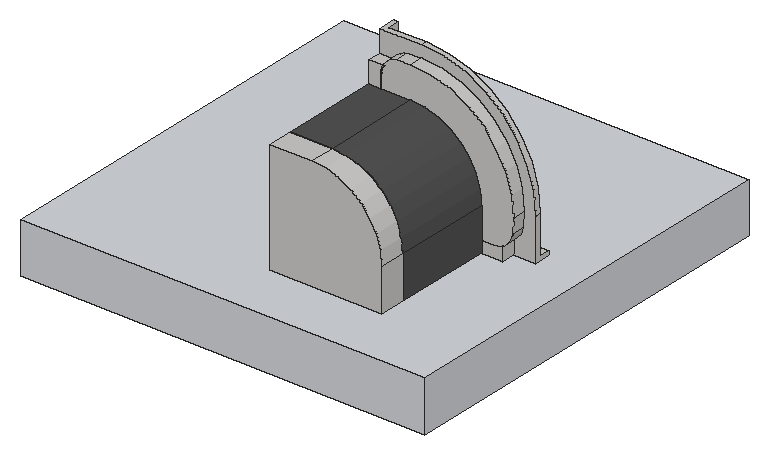
Revit family
Parameters (values of type "3563-2-H-DV-VP")
  Waste Connection = yes
  Vent Connection = no
  VP- Vinylclad Housing Color (Black or Gray or White) = yes
  URL = "http://www.acorneng.com"
  Type Comments = ""
  TT- Top Supply; Vent Thru-Fixture = no
  TS- Single-Fold Paper Towel Dispenser = no
  TO- Top Supply; Vent Off-Drain = no
  TM- C or Multi-Fold Paper Towel Dispenser = no
  ST- Single Temperature Valve = no
  SPX- 16 Gage Stainless Steel Housing = no
  SO-BAT- Sensor Operation (Battery) = no
  SO- Sensor Operated = no
  SC- Supply/Vent Cover (Specify Ceiling Height) = no
  PDM- Metering Liquid Soap Dispenser (Not available with -BT, -PCB, -SC, -TM, -TO, -TS, -TT) = no
  PCB- Pipe Column Brace (Pipe by others) = no
  PBE- Pushbutton Electronic Metering = no
  Model = "3563-2-H-DV-VP"
  Manufacturer = "Acorn Engineering"
  JH32- 32" Junior Rim Height = no
  JH30- 30" Junior Rim Height = no
  JH26- 26" Junior Rim Height (Standard) = no
  HW Connection = no
  HB- Hose Bibb, Specify; Left or Right = no
  H- Hand Operation = yes
  F-Foot Operation = no
  EG-Enviro-Glaze Color Specify = no
  Designed By = "ATS BIM TEAM"
  Description = "Corner Models- 2 or 3 Stations"
  Default Elevation = 34"
  DV- Liquid/ Lotion Soap Dispenser = yes
  DP- Metering Powder Soap Dispenser = no
  CW Connection = no
  CS- Compact Sprayhead- 9" Diameter x 4" High ( Not available with -DP or -DV) = no
  BT- Bottom Supply; Vent Thru-Fixture = no
  BO-Bottom Supply; Vent Off Drain = no
  3563- On-Floor, Corner, Three Station = no
  3562-On-Floor, Corner, Two Station = no
  3- On Floor, Floor Outlet = no
  2- On Floor, Wall Outlet = yes
Reference planes (in)
  plane 1 "Center (Front/Back)": y = 0
  plane 2: z = 0
  plane 3 "Center (Left/Right)": x = 0
  plane 4: y = -34
  plane 5: y = -4.5
  plane 6: y = 10
  plane 7: y = -12.25
  plane 8: z = 14.25
  plane 9: x = 14.25
  plane 10: y = -27.875
Forms (in)
  Extrusion 1, solid
    sketch origin (0, 0, 0) x (1, 0, 0) y (0, 1, 0)
      loop
        line (-48, 48) -> (-48, -48) -> (48, -48) -> (48, 48) -> (-48, 48)
    from 0 to -12
  Extrusion 2, solid, material "Stainless Steel"
    sketch origin (-58.04546, -1.3125, -60.68826) x (1, 0, 0) y (0, 0, -1)
      loop
        line (59.04546, -97.68826) -> (68.04546, -97.68826)
        arc (68.04546, -97.68826) -> (87.13734, -89.78014) -> (95.04546, -70.68826) r 27
        line (95.04546, -70.68826) -> (95.04546, -61.68826) -> (59.04546, -61.68826) -> (59.04546, -97.68826)
    from 0 to 1.3125
  Extrusion 3, solid, material "Stainless Steel"
    sketch origin (-58.04546, -4.5, -60.68826) x (1, 0, 0) y (0, 0, -1)
      loop
        arc (60.79546, -90.3326) -> (61.86833, -93.21187) -> (64.56372, -94.68701) r 4.4
        arc (64.56372, -94.68701) -> (66.30006, -94.87537) -> (68.04546, -94.93826) r 24.25
        arc (68.04546, -94.93826) -> (85.1928, -87.8356) -> (92.29546, -70.68826) r 24.25
        arc (92.29546, -70.68826) -> (92.23257, -68.94287) -> (92.04421, -67.20652) r 24.25
        arc (92.04421, -67.20652) -> (90.56906, -64.51113) -> (87.6898, -63.43826) r 4.4
        line (87.6898, -63.43826) -> (60.79546, -63.43826) -> (60.79546, -90.3326)
    from 0 to 3.1875
  Extrusion 4, solid, material "Stainless Steel"
    sketch origin (-58.04546, -1.3125, -60.68826) x (1, 0, 0) y (0, 0, -1)
      loop
        line (59.04546, -97.68826) -> (59.04546, -61.68826) -> (95.04546, -61.68826) -> (95.04546, -60.68826) -> (58.04546, -60.68826) -> (58.04546, -97.68826) -> (59.04546, -97.68826)
    from 0 to 4
  Extrusion 5, solid, material "Black"
    sketch origin (-58.04546, -32.23438, -60.68826) x (1, 0, 0) y (0, 0, -1)
      loop
        line (58.04546, -60.68826) -> (58.04546, -87.31326) -> (68.04546, -87.31326)
        arc (68.04546, -87.31326) -> (79.80111, -82.44391) -> (84.67046, -70.68826) r 16.625
        line (84.67046, -70.68826) -> (84.67046, -60.68826) -> (58.04546, -60.68826)
    from 4.35938 to 27.73438
  Extrusion 6, void
    sketch origin (-58.04546, -1.3125, -60.68826) x (1, 0, 0) y (0, 0, -1)
      loop
        line (60.92046, -63.5316) -> (60.92046, -90.37393)
        arc (60.92046, -90.37393) -> (61.20021, -91.74893) -> (61.99497, -92.90532) r 3.51904
        arc (61.99497, -92.90532) -> (62.86573, -93.62312) -> (63.83806, -94.19587) r 7.19151
        arc (63.83806, -94.19587) -> (64.4115, -94.41778) -> (65.01411, -94.54002) r 3.64058
        arc (65.01411, -94.54002) -> (68.52118, -94.68158) -> (72.00984, -94.29573) r 23.34427
        arc (72.00984, -94.29573) -> (74.7968, -93.59299) -> (77.47628, -92.55309) r 23.34427
        arc (77.47628, -92.55309) -> (83.41527, -88.71535) -> (88.04221, -83.36826) r 25.00107
        arc (88.04221, -83.36826) -> (90.29097, -78.96788) -> (91.63028, -74.21115) r 25.00107
        arc (91.63028, -74.21115) -> (91.97112, -70.33615) -> (91.63028, -66.46115) r 22.19785
        arc (91.63028, -66.46115) -> (90.28399, -64.35229) -> (87.92046, -63.5316) r 3.81373
        line (87.92046, -63.5316) -> (60.92046, -63.5316)
    from -3.0161 to 4
  Revolve 7, solid, material "Stainless Steel"
    sketch origin (-168.07815, 116.6701, 9.97585) x (1, 0, 0) y (0, 1, 0)
      loop
        line (178.05446, -106.72256) -> (178.05446, -121.73429) -> (180.57376, -121.73429) -> (180.57376, -113.1658) -> (180.5416, -113.1658)
        arc (180.5416, -113.1658) -> (180.63125, -112.65734) -> (180.97673, -112.27364) r 0.93657
        arc (180.97673, -112.27364) -> (181.02884, -112.22333) -> (181.05597, -112.15617) r 0.17419
        arc (181.05597, -112.15617) -> (181.15779, -112.03483) -> (181.31378, -112.06234) r 0.1584
        arc (181.31378, -112.06234) -> (181.36644, -112.09274) -> (181.42633, -112.1033) r 0.1751
        line (181.42633, -112.1033) -> (183.78393, -112.1033)
        arc (183.78393, -112.1033) -> (183.84379, -112.09275) -> (183.89642, -112.06236) r 0.175
        line (183.89642, -112.06236) -> (185.61695, -110.34183)
        arc (185.61695, -110.34183) -> (185.66306, -110.28173) -> (185.67946, -110.20777) r 0.175
        line (185.67946, -110.20777) -> (185.67946, -107.4158) -> (185.74671, -107.4158) -> (185.74671, -107.00898)
        arc (185.74671, -107.00898) -> (185.70001, -106.89623) -> (185.58725, -106.84953) r 0.15946
        line (185.58725, -106.84953) -> (185.01987, -106.83477)
        arc (185.01987, -106.83477) -> (184.98495, -106.82687) -> (184.9557, -106.8062) r 0.09173
        line (184.9557, -106.8062) -> (184.84937, -106.6701)
        arc (184.84937, -106.6701) -> (184.81742, -106.64376) -> (184.777, -106.6348) r 0.08868
        line (184.777, -106.6348) -> (181.76938, -106.6873)
        arc (181.76938, -106.6873) -> (181.72799, -106.6985) -> (181.69556, -106.72655) r 0.09637
        arc (181.69556, -106.72655) -> (181.67924, -106.74162) -> (181.65762, -106.74672) r 0.04375
        line (181.65762, -106.74672) -> (180.67373, -106.72256) -> (178.05446, -106.72256)
      axis (178.05446, -121.73429) -> (178.05446, -106.6348)
    angle from 0 to 360
  Extrusion 8, solid, material "Stainless Steel"
    sketch origin (0, 0, 0) x (1, 0, 0) y (0, 0, 1)
      loop
        arc (31.75, 3.28656) -> (30.73081, 2.88625) -> (29.64434, 2.75) r 4.4
        line (29.64434, 2.75) -> (2.75, 2.75) -> (2.75, 29.54546)
        arc (2.75, 29.54546) -> (2.88607, 30.67991) -> (3.28656, 31.75) r 4.79713
        line (3.28656, 31.75) -> (0, 31.75) -> (0, 0) -> (31.75, 0) -> (31.75, 3.28656)
    from 0 to 4.5
  Revolve 9, solid, material "Stainless Steel"
    sketch origin (-1.15776, 7.25, 0.788) x (1, 0, 0) y (0, 0, 1)
      loop
        line (16.26495, 14.40571) -> (17.61059, 15.75135) -> (17.36641, 15.99553) -> (16.83608, 15.4652) -> (16.33608, 15.4652) -> (15.83332, 14.96244) -> (16.26495, 14.40571)
      axis (16.26495, 14.40571) -> (17.61059, 15.75135)
    angle from 0 to 360
  Extrusion 10, solid
    sketch origin (0, 0, 0) x (1, 0, 0) y (0, 0, 1)
      loop
        circle (14.25, 14.25) r 0.75
    from 4.5 to 12.25
  Revolve 11, solid, material "Stainless Steel"
    sketch origin (8.70594, 7.25, -4.25313) x (0.707107, 0, 0.707107) y (-0.707107, 0, 0.707107)
      loop
        line (16.26495, 14.40571) -> (17.61059, 15.75135) -> (17.36641, 15.99553) -> (16.83608, 15.4652) -> (16.33608, 15.4652) -> (15.83332, 14.96244) -> (16.26495, 14.40571)
      axis (16.26495, 14.40571) -> (17.61059, 15.75135)
    angle from 0 to 360
  Revolve 12, solid, material "Stainless Steel"
    sketch origin (-4.35045, 7.25, 11.3707) x (0.707107, 0, -0.707107) y (0.707107, 0, 0.707107)
      loop
        line (16.26495, 14.40571) -> (17.61059, 15.75135) -> (17.36641, 15.99553) -> (16.83608, 15.4652) -> (16.33608, 15.4652) -> (15.83332, 14.96244) -> (16.26495, 14.40571)
      axis (16.26495, 14.40571) -> (17.61059, 15.75135)
    angle from 0 to 360
  Extrusion 13, solid
    sketch origin (0, 8.90922, 35.70078) x (1, 0, 0) y (0, -0.707107, -0.707107)
      loop
        circle (9.97631, 15.81781) r 0.5
    from 10.09307 to 11.09307
  Extrusion 14, solid
    sketch origin (21.0265, 8.90922, 35.23047) x (0.707107, 0, -0.707107) y (-0.5, -0.707107, -0.5)
      loop
        circle (9.97631, 15.81781) r 0.5
    from 10.09307 to 11.09307
  Extrusion 15, solid
    sketch origin (35.56191, 8.90922, 20.02992) x (0, 0, -1) y (-0.707107, -0.707107, 0)
      loop
        circle (9.97631, 15.81781) r 0.5
    from 10.09307 to 11.09307
  Extrusion 16, solid, material "Stainless Steel"
    sketch origin (-58.04546, -27.875, -60.68826) x (-1, 0, 0) y (0, 0, -1)
      loop
        line (-68.04546, -87.31326) -> (-58.04546, -87.31326) -> (-58.04546, -60.68826) -> (-84.67046, -60.68826) -> (-84.67046, -70.68826)
        arc (-84.67046, -70.68826) -> (-79.80111, -82.44391) -> (-68.04546, -87.31326) r 16.625
    from 0 to 6.125
Cuts and joins
  Extrusion 6 cuts Extrusion 2
  Extrusion 6 cuts Extrusion 3
  Extrusion 6 cuts Extrusion 4
  joined: Extrusion 2, Extrusion 3, Extrusion 4, Revolve 7, Revolve 9
  Extrusion 6 cuts Extrusion 5
Dimensions and locks (in)
  plane 4 to plane 1 "Center (Front/Back)" = 34"
  plane 5 to plane 4 = 29 1/2"  (x3)
  plane 6 to plane 4 = 44"  (x2)
  cut or joined group of Extrusion 2, Extrusion 3, Extrusion 4, Extrusion 6, Revolve 7, Revolve 9 to plane 3 "Center (Left/Right)" = 37"
  plane 1 "Center (Front/Back)" to plane 4 = 34"
  locked: plane 4 to plane 7 at 21.75
  locked: level to plane 8 at 14.25
  locked: plane 9 to plane 3 "Center (Left/Right)" at 14.25
  plane 4 to plane 10 = 6 1/8"
  aligned and locked: plane 2 to Extrusion 1
  aligned and locked: level to Extrusion 1
  aligned and locked: Extrusion 10 to plane 7
  aligned and locked: Extrusion 10 to cut or joined group of Extrusion 2, Extrusion 3, Extrusion 4, Extrusion 6, Revolve 7, Revolve 9
  aligned and locked: plane 10 to Extrusion 5
  aligned and locked: plane 4 to Extrusion 16
Nested families (in)
  nested 1: "-DV Lotion Soap Dispenser" at (11.6012, 4.5668, 14.5852) x (0.9999, 0, -0.0154) z (0, -1, 0), type "-DV Lotion Soap Dispenser"
  nested 2: "-DV Lotion Soap Dispenser" at (14.4981, 4.5668, 8.31235) x (-0.0154, 0, -0.9999) z (0, -1, 0), type "-DV Lotion Soap Dispenser"
Connectors (in)
  piping at (14.25, -12.25, 14.25)
    settings: on Extrusion 10, index 1
Definition of nested family "-DV Lotion Soap Dispenser"
  Parameters (values of type "-DV Lotion Soap Dispenser")
    Default Elevation = 48"
    Assembly Code = ""
  Reference planes (in)
    plane 1 "Center (Front/Back)": y = 0
    plane 2: z = 0
    plane 3 "Center (Left/Right)": x = 0
  Forms (in)
    Extrusion 1, solid
      sketch origin (0, 0, 0) x (1, 0, 0) y (0, 1, 0)
        loop
          line (-48, 48) -> (-48, -48) -> (48, -48) -> (48, 48) -> (-48, 48)
      from 0 to -12
    Revolve 2, solid, material "Default"
      sketch origin (0, 0, 0) x (1, 0, 0) y (0, 0, 1)
        loop
          line (0.375, 2.7) -> (0, 2.7) -> (0, 0) -> (0.75, 0) -> (0.75, 0.49094) -> (0.375, 0.86594) -> (0.375, 2.14) -> (0.1875, 2.14) -> (0.1875, 2.45) -> (0.375, 2.45) -> (0.375, 2.7)
        axis (0, 2.7) -> (0, 0)
      angle from 0 to 360
  Lines and regions (in)
    model lines
      curve 1: line (0.75, 0, 0) -> (0.75, 0, 0.49094)
      curve 2: line (0.75, 0, 0.49094) -> (0.375, 0, 0.86594)
      curve 3: line (0.375, 0, 0.86594) -> (0.375, 0, 2.14)
      curve 4: line (0.375, 0, 2.14) -> (0.1875, 0, 2.14)
      curve 5: line (0.1875, 0, 2.14) -> (0.1875, 0, 2.45)
      curve 6: line (0.1875, 0, 2.45) -> (0.375, 0, 2.45)
      curve 7: line (0.375, 0, 2.45) -> (0.375, 0, 2.7)
      curve 8: line (0.375, 0, 2.7) -> (0, 0, 2.7)
      curve 9: line (0, 0, 2.7) -> (0, 0, 0)
      curve 10: line (0, 0, 0) -> (0.75, 0, 0)
  Dimensions and locks (in)
    curve 1 to plane 3 "Center (Left/Right)" = 3/4"
    curve 7 to plane 3 "Center (Left/Right)" = 3/8"
    curve 5 to plane 3 "Center (Left/Right)" = 3/16"
    locked: curve 6 to curve 8 at 0.25
    locked: curve 4 to curve 6 at 0.31
    Extrusion 1 to curve 8 = 2.7"
    Extrusion 1 to curve 2 = 0.49094"
    locked: Extrusion 1 to curve 2 (angle 45.00°)
    aligned and locked: plane 2 to Extrusion 1
    aligned and locked: level to Extrusion 1
    aligned and locked: curve 3 to curve 7
    aligned and locked: Revolve 2 sketch curve to curve 6
